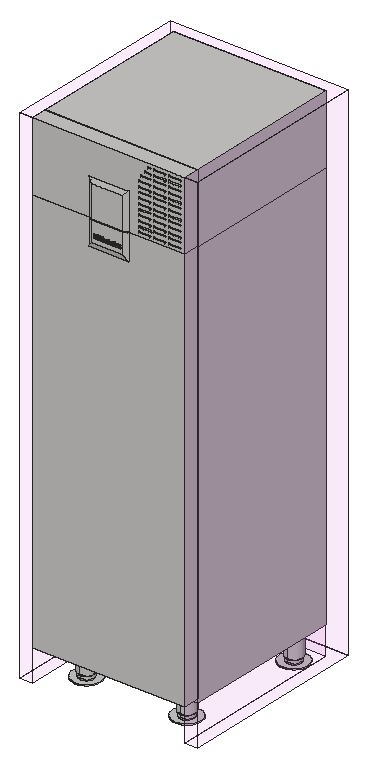
Revit family "QF_ELECTROLUXPROFESSIONAL_691363_PS04R1FM", category Specialty Equipment, Revit 2018
Family settings
  Round Connector Dimension = Use Diameter
  Part Type = Normal
  Work Plane-Based = No
  Always vertical = Yes
  Cut with Voids When Loaded = No
  Shared = No
  Room Calculation Point = No
Parameters (values of type "Standard")
  Weight = 21.3976 lbm
  Watts = 0 W
  Volts = 220 V
  URL Manufacturer = "http://professional.electrolux.com"
  URL = "http://professional.electrolux.com"
  Steam Supply Size = 0"
  Steam Supply Minimum Pressure = 0.00 psi
  Steam Supply Maximum Pressure = 0.00 psi
  Steam Pounds per Hour = 0
  Show Clearance [instance] = yes
  Refrigeration Suction Line Size = 0"
  Refrigeration Liquid Line Size = 0"
  Refrigerant Compressor Remote = yes
  Phase = 1
  Model = "PS04R1FM"
  Manufacturer = "Electrolux Professional"
  Length Actual = 600 mm  # constant formula
  Item Number = "691363"
  Hot Water Size = 0"
  Height Actual = 2040 mm  # constant formula
  HP = "0.3 HP"
  Gas Size = 0"
  Gas KW = 0
  Gas Input Pressure = 0.0 Btu/h
  Direct Waste Size = 0"
  Description = "1-DOOR REFRIGERATOR 470LT,0/+10°, PROSTORE MARINE-R134a"
  Depth Actual = 700 mm  # constant formula
  Cycle = 50 Hz
  Condensate Return Size = 0"
  Compressed Air Volume = 0 GPM
  Compressed Air Size = 0"
  Compressed Air Pressure = 0.00 psi
  Cold Water Size = 0"
  Accessory = yes
Types (2, lengths in mm): name | URL | Phase | Model | Manufacturer | Description
  (no name) | "http://professional.electrolux.com/" | 0 | "RBC201" | "Electrolux" | "BLAST CHILLER 56 KG 20 GN1/1"
  Standard | "http://professional.electrolux.com" | 1 | "PS04R1FM" | "Electrolux Professional" | "1-DOOR REFRIGERATOR 470LT,0/+10°, PROSTORE MARINE-R134a"
Values of the unnamed type that differ from the named types
  Volts = 380 V
  URL Manufacturer = "http://professional.electrolux.com/"
  Item Number = "726624"
Reference planes
  plane 1 "BACK": y = 0
  plane 2: z = 0
  plane 3 "LEFT": x = 0
  plane 4 "RIGHT": x = 600
  plane 5 "FRONT": y = -700
  plane 6 "TOP": z = 2040
  plane 7 "Center Y": x = 300
  plane 8 "Center X": y = -350
  plane 9: x = 102
  plane 10: x = 498
  plane 11: z = 115
  plane 12: z = 86
  plane 13: y = -80
  plane 14: y = -694
  plane 15: y = -1227
  plane 16: y = -630
  plane 17: z = 1770
  plane 18: x = -50
  plane 19: y = 50
  plane 20: x = 650
  plane 21: z = 1995
Forms (mm)
  Extrusion 1, solid, material "QF_Metal - Stainless - Polished"
    sketch origin (0, 0, 0) x (1, 0, 0) y (0, 0, 1)
      loop
        line (0, 1995) -> (0, 1724.003) -> (600, 1724.003) -> (600, 1995) -> (0, 1995)
    from 0 to 630
  Extrusion 2, solid, material "QF_Metal - Stainless - Polished"
    sketch origin (0, 0, 0) x (1, 0, 0) y (0, 0, 1)
      loop
        line (0, 1724.003) -> (0, 115) -> (600, 115) -> (600, 1724.003) -> (0, 1724.003)
    from 0 to 630
  Extrusion 3, solid, material "QF_Metal - Stainless - Polished"
    sketch origin (-370, 0, -128) x (1, 0, 0) y (0, 0, 1)
      loop
        circle (450, 1847.083) r 20
    from -7.507 to 0
  Extrusion 4, solid, material "QF_Metal - Stainless - Polished"
    sketch origin (0, 130.478, -45) x (1, 0, 0) y (0, 0, 1)
      loop
        line (0, 2040) -> (0, 1770) -> (600, 1770) -> (600, 2040) -> (0, 2040)
    from 760.478 to 824.478
  Extrusion 5, solid, material "QF_Metal - Stainless - Polished"
    sketch origin (0, 140, 0) x (1, 0, 0) y (0, 0, 1)
      loop
        line (0, 1725) -> (0, 127.536) -> (600, 127.536) -> (600, 1725) -> (0, 1725)
    from 834 to 770
  Revolve 6, solid, material "QF_Metal - Stainless - Polished"
    sketch origin (497.59, -2.833, 0) x (0, 1, 0) y (0, 0, -1)
      loop
        line (-590.954, -115) -> (-553.167, -115) -> (-553.167, 0) -> (-578.757, 0)
        arc (-578.757, 0) -> (-580.973, -2.655) -> (-581.767, -6.021) r 7.527
        line (-581.767, -6.021) -> (-581.767, -17.561) -> (-585.28, -21.074) -> (-585.28, -110.008) -> (-590.954, -110.008) -> (-590.954, -115)
      axis (-553.167, 0) -> (-553.167, -115)
    angle from 0 to 360
  Revolve 7, solid, material "QF_Metal - Stainless - Polished"
    sketch origin (102, -2.833, 0) x (0, 1, 0) y (0, 0, 1)
      loop
        line (-590.954, 115) -> (-590.954, 110.008) -> (-585.28, 110.008) -> (-585.28, 21.074) -> (-581.767, 17.561) -> (-581.767, 6.021)
        arc (-581.767, 6.021) -> (-580.973, 2.655) -> (-578.757, 0) r 7.527
        line (-578.757, 0) -> (-553.167, 0) -> (-553.167, 115) -> (-590.954, 115)
      axis (-553.167, 0) -> (-553.167, 115)
    angle from 0 to 360
  Revolve 8, solid, material "QF_Metal - Stainless - Polished"
    sketch origin (538, -759.167, 0) x (0, -1, 0) y (0, 0, 1)
      loop
        line (-716.954, 115) -> (-716.954, 110.008) -> (-711.28, 110.008) -> (-711.28, 21.074) -> (-707.767, 17.561) -> (-707.767, 6.021)
        arc (-707.767, 6.021) -> (-706.973, 2.655) -> (-704.757, 0) r 7.527
        line (-704.757, 0) -> (-679.167, 0) -> (-679.167, 115) -> (-716.954, 115)
      axis (-679.167, 0) -> (-679.167, 115)
    angle from 0 to 360
  Revolve 9, solid, material "QF_Metal - Stainless - Polished"
    sketch origin (62, -759.167, 0) x (0, -1, 0) y (0, 0, 1)
      loop
        line (-716.954, 115) -> (-716.954, 110.008) -> (-711.28, 110.008) -> (-711.28, 21.074) -> (-707.767, 17.561) -> (-707.767, 6.021)
        arc (-707.767, 6.021) -> (-706.973, 2.655) -> (-704.757, 0) r 7.527
        line (-704.757, 0) -> (-679.167, 0) -> (-679.167, 115) -> (-716.954, 115)
      axis (-679.167, 0) -> (-679.167, 115)
    angle from 0 to 360
  Blend 10, solid, material "QF_Metal - Stainless - Polished"
    base sketch origin (-150, -694, 0) x (1, 0, 0) y (0, 0, 1)
      loop
        line (370, 1869.822) -> (370, 1619.822) -> (530, 1619.822) -> (530, 1869.822) -> (370, 1869.822)
    top sketch origin (-150, -694, 0) x (1, 0, 0) y (0, 0, 1)
      loop
        line (510, 1849.822) -> (390, 1849.822) -> (390, 1639.822) -> (510, 1639.822) -> (510, 1849.822)
    from 0 to 6
  Extrusion 11, void
    sketch origin (-150, -700, 0) x (-1, 0, 0) y (0, 0, 1)
      loop
        line (-370, 1725.997) -> (-530, 1725.997) -> (-530, 1724.003) -> (-370, 1724.003) -> (-370, 1725.997)
    from 0 to 6
  Extrusion 12, solid, material "QF_Door-Drawer Clearances"
    sketch origin (0, 0, 0) x (1, 0, 0) y (0, 1, 0)
      loop
        line (0, -694) -> (0, 0) -> (600, 0) -> (600, -694) -> (650, -694) -> (650, 50) -> (-50, 50) -> (-50, -694) -> (0, -694)
    from 0 to 1995
  Extrusion 13, solid, material "QF_Metal - Stainless - Polished"
    sketch origin (497.59, -556, 0) x (0, -1, 0) y (-1, 0, 0)
      loop
        circle (0, 0) r 55.59
    from 0 to -1.917
  Extrusion 14, solid, material "QF_Metal - Stainless - Polished"
    sketch origin (102, -556, 0) x (0, -1, 0) y (-1, 0, 0)
      loop
        circle (0, 0) r 55.59
    from 0 to -1.917
  Extrusion 15, solid, material "QF_Metal - Stainless - Polished"
    sketch origin (62, -80, 0) x (0, -1, 0) y (-1, 0, 0)
      loop
        circle (0, 0) r 55.59
    from 0 to -1.917
  Extrusion 16, solid, material "QF_Metal - Stainless - Polished"
    sketch origin (538, -80, 0) x (0, -1, 0) y (-1, 0, 0)
      loop
        circle (0, 0) r 55.59
    from 0 to -1.917
  Extrusion 17, void
    sketch origin (0, -694, -45) x (-1, 0, 0) y (0, 0, 1)
      loop
        line (-537.804, 1788.817) -> (-587.804, 1788.817) -> (-587.804, 1780.817) -> (-537.804, 1780.817) -> (-537.804, 1788.817)
      loop
        line (-477.804, 1788.817) -> (-527.804, 1788.817) -> (-527.804, 1780.817) -> (-477.804, 1780.817) -> (-477.804, 1788.817)
      loop
        line (-417.804, 1788.817) -> (-467.804, 1788.817) -> (-467.804, 1780.817) -> (-417.804, 1780.817) -> (-417.804, 1788.817)
    from 0 to 2
  Extrusion 18, void
    sketch origin (0, -694, 195) x (-1, 0, 0) y (0, 0, 1)
      loop
        line (-537.804, 1788.817) -> (-587.804, 1788.817) -> (-587.804, 1780.817) -> (-537.804, 1780.817) -> (-537.804, 1788.817)
      loop
        line (-477.804, 1788.817) -> (-527.804, 1788.817) -> (-527.804, 1780.817) -> (-477.804, 1780.817) -> (-477.804, 1788.817)
      loop
        line (-453.929, 1788.817) -> (-467.804, 1788.817) -> (-467.804, 1780.817) -> (-453.929, 1780.817) -> (-453.929, 1788.817)
    from 0 to 2
  Extrusion 19, void
    sketch origin (0, -694, -25) x (-1, 0, 0) y (0, 0, 1)
      loop
        line (-537.804, 1788.817) -> (-587.804, 1788.817) -> (-587.804, 1780.817) -> (-537.804, 1780.817) -> (-537.804, 1788.817)
      loop
        line (-477.804, 1788.817) -> (-527.804, 1788.817) -> (-527.804, 1780.817) -> (-477.804, 1780.817) -> (-477.804, 1788.817)
      loop
        line (-417.804, 1788.817) -> (-467.804, 1788.817) -> (-467.804, 1780.817) -> (-417.804, 1780.817) -> (-417.804, 1788.817)
    from 0 to 2
  Extrusion 20, void
    sketch origin (0, -694, -5) x (-1, 0, 0) y (0, 0, 1)
      loop
        line (-537.804, 1788.817) -> (-587.804, 1788.817) -> (-587.804, 1780.817) -> (-537.804, 1780.817) -> (-537.804, 1788.817)
      loop
        line (-477.804, 1788.817) -> (-527.804, 1788.817) -> (-527.804, 1780.817) -> (-477.804, 1780.817) -> (-477.804, 1788.817)
      loop
        line (-417.804, 1788.817) -> (-467.804, 1788.817) -> (-467.804, 1780.817) -> (-417.804, 1780.817) -> (-417.804, 1788.817)
    from 0 to 2
  Extrusion 21, void
    sketch origin (0, -694, 15) x (-1, 0, 0) y (0, 0, 1)
      loop
        line (-537.804, 1788.817) -> (-587.804, 1788.817) -> (-587.804, 1780.817) -> (-537.804, 1780.817) -> (-537.804, 1788.817)
      loop
        line (-477.804, 1788.817) -> (-527.804, 1788.817) -> (-527.804, 1780.817) -> (-477.804, 1780.817) -> (-477.804, 1788.817)
      loop
        line (-417.804, 1788.817) -> (-467.804, 1788.817) -> (-467.804, 1780.817) -> (-417.804, 1780.817) -> (-417.804, 1788.817)
    from 0 to 2
  Extrusion 22, void
    sketch origin (0, -694, 35) x (-1, 0, 0) y (0, 0, 1)
      loop
        line (-537.804, 1788.817) -> (-587.804, 1788.817) -> (-587.804, 1780.817) -> (-537.804, 1780.817) -> (-537.804, 1788.817)
      loop
        line (-477.804, 1788.817) -> (-527.804, 1788.817) -> (-527.804, 1780.817) -> (-477.804, 1780.817) -> (-477.804, 1788.817)
      loop
        line (-417.804, 1788.817) -> (-467.804, 1788.817) -> (-467.804, 1780.817) -> (-417.804, 1780.817) -> (-417.804, 1788.817)
    from 0 to 2
  Extrusion 23, void
    sketch origin (0, -694, 55) x (-1, 0, 0) y (0, 0, 1)
      loop
        line (-537.804, 1788.817) -> (-587.804, 1788.817) -> (-587.804, 1780.817) -> (-537.804, 1780.817) -> (-537.804, 1788.817)
      loop
        line (-477.804, 1788.817) -> (-527.804, 1788.817) -> (-527.804, 1780.817) -> (-477.804, 1780.817) -> (-477.804, 1788.817)
      loop
        line (-417.804, 1788.817) -> (-467.804, 1788.817) -> (-467.804, 1780.817) -> (-417.804, 1780.817) -> (-417.804, 1788.817)
    from 0 to 2
  Extrusion 24, void
    sketch origin (0, -694, 75) x (-1, 0, 0) y (0, 0, 1)
      loop
        line (-537.804, 1788.817) -> (-587.804, 1788.817) -> (-587.804, 1780.817) -> (-537.804, 1780.817) -> (-537.804, 1788.817)
      loop
        line (-477.804, 1788.817) -> (-527.804, 1788.817) -> (-527.804, 1780.817) -> (-477.804, 1780.817) -> (-477.804, 1788.817)
      loop
        line (-417.804, 1788.817) -> (-467.804, 1788.817) -> (-467.804, 1780.817) -> (-417.804, 1780.817) -> (-417.804, 1788.817)
    from 0 to 2
  Extrusion 25, void
    sketch origin (0, -694, 95) x (-1, 0, 0) y (0, 0, 1)
      loop
        line (-537.804, 1788.817) -> (-587.804, 1788.817) -> (-587.804, 1780.817) -> (-537.804, 1780.817) -> (-537.804, 1788.817)
      loop
        line (-477.804, 1788.817) -> (-527.804, 1788.817) -> (-527.804, 1780.817) -> (-477.804, 1780.817) -> (-477.804, 1788.817)
      loop
        line (-417.804, 1788.817) -> (-467.804, 1788.817) -> (-467.804, 1780.817) -> (-417.804, 1780.817) -> (-417.804, 1788.817)
    from 0 to 2
  Extrusion 26, void
    sketch origin (0, -694, 115) x (-1, 0, 0) y (0, 0, 1)
      loop
        line (-537.804, 1788.817) -> (-587.804, 1788.817) -> (-587.804, 1780.817) -> (-537.804, 1780.817) -> (-537.804, 1788.817)
      loop
        line (-477.804, 1788.817) -> (-527.804, 1788.817) -> (-527.804, 1780.817) -> (-477.804, 1780.817) -> (-477.804, 1788.817)
      loop
        line (-417.804, 1788.817) -> (-467.804, 1788.817) -> (-467.804, 1780.817) -> (-417.804, 1780.817) -> (-417.804, 1788.817)
    from 0 to 2
  Extrusion 27, void
    sketch origin (0, -694, 135) x (-1, 0, 0) y (0, 0, 1)
      loop
        line (-537.804, 1788.817) -> (-587.804, 1788.817) -> (-587.804, 1780.817) -> (-537.804, 1780.817) -> (-537.804, 1788.817)
      loop
        line (-477.804, 1788.817) -> (-527.804, 1788.817) -> (-527.804, 1780.817) -> (-477.804, 1780.817) -> (-477.804, 1788.817)
      loop
        line (-417.804, 1788.817) -> (-467.804, 1788.817) -> (-467.804, 1780.817) -> (-417.804, 1780.817) -> (-417.804, 1788.817)
    from 0 to 2
  Extrusion 28, void
    sketch origin (0, -694, 155) x (-1, 0, 0) y (0, 0, 1)
      loop
        line (-537.804, 1788.817) -> (-587.804, 1788.817) -> (-587.804, 1780.817) -> (-537.804, 1780.817) -> (-537.804, 1788.817)
      loop
        line (-477.804, 1788.817) -> (-527.804, 1788.817) -> (-527.804, 1780.817) -> (-477.804, 1780.817) -> (-477.804, 1788.817)
      loop
        line (-426.702, 1788.817) -> (-467.804, 1788.817) -> (-467.804, 1780.817) -> (-426.702, 1780.817) -> (-426.702, 1788.817)
    from 0 to 2
  Extrusion 29, void
    sketch origin (0, -694, 175) x (-1, 0, 0) y (0, 0, 1)
      loop
        line (-537.804, 1788.817) -> (-587.804, 1788.817) -> (-587.804, 1780.817) -> (-537.804, 1780.817) -> (-537.804, 1788.817)
      loop
        line (-477.804, 1788.817) -> (-527.804, 1788.817) -> (-527.804, 1780.817) -> (-477.804, 1780.817) -> (-477.804, 1788.817)
      loop
        line (-441.24, 1788.817) -> (-467.804, 1788.817) -> (-467.804, 1780.817) -> (-441.24, 1780.817) -> (-441.24, 1788.817)
    from 0 to 2
  Extrusion 30, solid, material "QF_Door-Drawer Clearances", visible <- "Show Clearance", detail levels coarse
    sketch origin (0, 0, 0) x (1, 0, 0) y (0, 1, 0)
      loop
        line (600, -694) -> (0, -694)
        arc (0, -694) -> (187.42, -1087.232) -> (600, -1227) r 559.707
        line (600, -1227) -> (600, -694)
    from 127.536 to 1725
Cuts and joins
  Extrusion 11, Extrusion 17 cuts Extrusion 1
  Extrusion 11 cuts Extrusion 2
  Extrusion 11, Extrusion 17, Extrusion 18, Extrusion 19, Extrusion 20, Extrusion 21, Extrusion 22, Extrusion 23, Extrusion 24, Extrusion 25, Extrusion 26, Extrusion 27, Extrusion 28, Extrusion 29 cuts Extrusion 4
  Extrusion 11 cuts Extrusion 5
  Extrusion 11 cuts Blend 10
  joined: Revolve 6, Extrusion 13
Lines and regions (mm)
  Split face 1
    outline origin (-150, -700, 0) x (1, 0, 0) y (0, 0, 1)
      loop
        line (415, 1849.822) -> (415, 1697.499) -> (485, 1697.499) -> (485, 1849.822)
  symbolic lines
    curve 1: line (0, 0, 0) -> (600, 0, 0)
    curve 2: line (0, -694, 0) -> (0, 0, 0)
    curve 3: line (600, -694, 0) -> (0, -694, 0)
    curve 4: line (600, 0, 0) -> (600, -694, 0)
    curve 5: line (0, -630, 0) -> (600, -630, 0)
    curve 6: line (220, -694, 0) -> (240, -700, 0)
    curve 7: line (240, -700, 0) -> (360, -700, 0)
    curve 8: line (360, -700, 0) -> (380, -694, 0)
  symbolic lines, style "QF_Door-Drawer Clearances"
    curve 9: line (0, -694, 0) -> (-50, -694, 0)
    curve 10: line (-50, -694, 0) -> (-50, 50, 0)
    curve 11: line (-50, 50, 0) -> (650, 50, 0)
    curve 12: line (650, 50, 0) -> (650, -694, 0)
    curve 13: line (650, -694, 0) -> (600, -694, 0)
    curve 14: arc (0, -694, 0) -> (187.42, -1087.232, 0) -> (600, -1227, 0) r 559.707
    curve 15: line (600, -1227, 0) -> (600, -694, 0)
Dimensions and locks
  equal spacing: plane 3 "LEFT", plane 7 "Center Y", plane 4 "RIGHT"
  plane 3 "LEFT" to plane 4 "RIGHT" = 600 mm
  equal spacing: plane 5 "FRONT", plane 8 "Center X", plane 1 "BACK"
  plane 5 "FRONT" to plane 1 "BACK" = 700 mm
  plane 6 "TOP" to level = 2040 mm
  plane 9 to plane 3 "LEFT" = 102 mm
  plane 10 to plane 4 "RIGHT" = 102 mm
  plane 11 to level = 115 mm
  plane 12 to plane 11 = 29 mm
  plane 1 "BACK" to plane 13 = 80 mm
  plane 15 to plane 1 "BACK" = 1227 mm
  plane 11 to plane 2 = 115 mm
  plane 1 "BACK" to plane 16 = 630 mm
  plane 18 to plane 3 "LEFT" = 50 mm
  plane 4 "RIGHT" to plane 20 = 50 mm
  plane 1 "BACK" to plane 19 = 50 mm
  plane 21 to level = 1995 mm
  aligned and locked: level to plane 2
  aligned and locked: Extrusion 4 to plane 4 "RIGHT"
  aligned and locked: Extrusion 4 to plane 3 "LEFT"
  aligned and locked: plane 5 "FRONT" to Blend 10
Automatic sketch dimensions
  Extrusion 3 sketch curve to plane 9 = 22 mm
  Extrusion 3 sketch curve to plane 17 = 50.917 mm
  plane 11 to Revolve 6 sketch curve = 0 mm
  Revolve 6 sketch curve to level = 0 mm
  plane 16 to Revolve 6 sketch curve = 36.213 mm
  Revolve 6 sketch curve to Revolve 6 sketch curve = 5.674 mm
  Revolve 6 sketch curve to Revolve 6 sketch curve = 3.513 mm  (x2)
  Revolve 6 sketch curve to Revolve 6 sketch curve = 3.01 mm
  level to Revolve 6 sketch curve = 6.021 mm
  Revolve 6 sketch curve to Revolve 6 sketch curve = 21.073 mm
  Revolve 6 sketch curve to plane 11 = 4.992 mm  (x2)
  Revolve 6 sketch curve to Revolve 6 sketch curve = 15.053 mm
  Revolve 6 sketch curve to Revolve 6 sketch curve = 0 mm
  Revolve 6 sketch curve to Revolve 6 sketch curve = 20.008 mm
  Revolve 7 sketch curve to plane 11 = 0 mm
  Revolve 7 sketch curve to level = 0 mm
  plane 16 to Revolve 7 sketch curve = 36.213 mm
  Revolve 7 sketch curve to Revolve 7 sketch curve = 5.674 mm
  Revolve 7 sketch curve to Revolve 7 sketch curve = 3.513 mm  (x2)
  Revolve 7 sketch curve to Revolve 7 sketch curve = 3.01 mm
  level to Revolve 7 sketch curve = 6.021 mm
  Revolve 7 sketch curve to Revolve 7 sketch curve = 21.073 mm
  Revolve 7 sketch curve to Revolve 7 sketch curve = 11.54 mm
  Revolve 7 sketch curve to plane 11 = 4.992 mm
  Revolve 7 sketch curve to Revolve 7 sketch curve = 0 mm
  Revolve 7 sketch curve to Revolve 7 sketch curve = 4.992 mm
  plane 11 to Revolve 7 sketch curve = 20.008 mm
  Revolve 8 sketch curve to plane 11 = 0 mm
  Revolve 8 sketch curve to level = 0 mm
  Revolve 8 sketch curve to plane 13 = 0 mm  (x2)
  level to Revolve 8 sketch curve = 6.021 mm
  Revolve 8 sketch curve to plane 13 = 21.073 mm
  Revolve 8 sketch curve to Revolve 8 sketch curve = 4.517 mm
  Revolve 8 sketch curve to Revolve 8 sketch curve = 3.513 mm  (x2)
  Revolve 8 sketch curve to Revolve 8 sketch curve = 5.674 mm
  Revolve 8 sketch curve to Revolve 8 sketch curve = 11.54 mm
  Revolve 8 sketch curve to plane 11 = 4.992 mm  (x2)
  Revolve 8 sketch curve to Revolve 8 sketch curve = 20.008 mm
  Revolve 9 sketch curve to plane 11 = 0 mm
  Revolve 9 sketch curve to level = 0 mm
  Revolve 9 sketch curve to plane 13 = 0 mm  (x2)
  Revolve 9 sketch curve to level = 6.021 mm
  plane 13 to Revolve 9 sketch curve = 21.073 mm
  Revolve 9 sketch curve to Revolve 9 sketch curve = 4.517 mm
  Revolve 9 sketch curve to Revolve 9 sketch curve = 3.513 mm  (x2)
  Revolve 9 sketch curve to Revolve 9 sketch curve = 5.674 mm
  Revolve 9 sketch curve to Revolve 9 sketch curve = 11.54 mm
  plane 11 to Revolve 9 sketch curve = 4.992 mm  (x2)
  Revolve 9 sketch curve to Revolve 9 sketch curve = 20.008 mm
  Extrusion 14 sketch curve to Extrusion 14 sketch curve = 0 mm  (x2)
  Extrusion 14 sketch curve to Revolve 6 = 395.59 mm
  Extrusion 14 sketch curve to Extrusion 14 sketch curve = 55.59 mm
  Extrusion 15 sketch curve to Extrusion 15 sketch curve = 0 mm  (x2)
  Extrusion 15 sketch curve to Revolve 6 = 435.59 mm
  Extrusion 15 sketch curve to Extrusion 15 sketch curve = 55.59 mm
  Extrusion 16 sketch curve to Extrusion 16 sketch curve = 0 mm  (x2)
  Revolve 6 to Extrusion 16 sketch curve = 40.41 mm
  Extrusion 16 sketch curve to Extrusion 16 sketch curve = 55.59 mm
  plane 14 to curve 10 = 0 mm
  curve 10 to plane 18 = 0 mm
  plane 5 "FRONT" to curve 7 = 0 mm
  plane 1 "BACK" to curve 1 = 0 mm
  curve 1 to plane 4 "RIGHT" = 0 mm
  curve 12 to plane 19 = 0 mm
  curve 12 to plane 20 = 0 mm
  curve 15 to plane 15 = 0 mm
  curve 5 to plane 16 = 0 mm
  curve 7 to plane 7 "Center Y" = 60 mm
  plane 7 "Center Y" to curve 7 = 60 mm
  curve 14 to plane 14 = 25.214 mm
  curve 6 to curve 6 = 20 mm
  curve 7 to curve 8 = 20 mm
  Extrusion 1 sketch curve to plane 3 "LEFT" = 0 mm
  plane 4 "RIGHT" to Extrusion 1 sketch curve = 0 mm
  Extrusion 1 sketch curve to plane 21 = 0 mm
  Extrusion 1 sketch curve to plane 17 = 45.997 mm
  Extrusion 2 sketch curve to plane 3 "LEFT" = 0 mm
  plane 4 "RIGHT" to Extrusion 2 sketch curve = 0 mm
  Extrusion 2 sketch curve to plane 11 = 0 mm
  Extrusion 2 sketch curve to plane 17 = 45.997 mm
  Extrusion 4 sketch curve to plane 3 "LEFT" = 0 mm
  plane 4 "RIGHT" to Extrusion 4 sketch curve = 0 mm
  Extrusion 4 sketch curve to plane 21 = 0 mm
  Extrusion 4 sketch curve to plane 17 = 45 mm
  Extrusion 5 sketch curve to plane 3 "LEFT" = 0 mm
  plane 4 "RIGHT" to Extrusion 5 sketch curve = 0 mm
  plane 11 to Extrusion 5 sketch curve = 12.536 mm
  Extrusion 5 sketch curve to plane 17 = 45 mm
  Blend 10 sketch curve to Extrusion 5 = 105.178 mm
  Blend 10 sketch curve to Extrusion 5 = 220 mm
  Blend 10 sketch curve to Blend 10 sketch curve = 160 mm
  Extrusion 5 to Blend 10 sketch curve = 144.822 mm
  Blend 10 sketch curve to Extrusion 5 = 240 mm
  Blend 10 sketch curve to Blend 10 sketch curve = 120 mm
  Blend 10 sketch curve to Extrusion 5 = 85.178 mm
  Extrusion 5 to Blend 10 sketch curve = 124.822 mm
  Split face 1 sketch curve to Blend 10 = 0 mm  (x2)
  Split face 1 sketch curve to Blend 10 = 25 mm  (x2)
  Split face 1 sketch curve to Blend 10 = 57.677 mm
  Extrusion 11 sketch curve to Blend 10 = 20 mm  (x2)
  Blend 10 to Extrusion 11 sketch curve = 84.181 mm
  Extrusion 11 sketch curve to Extrusion 11 sketch curve = 1.995 mm
  plane 14 to Extrusion 12 sketch curve = 0 mm  (x2)
  Extrusion 12 sketch curve to plane 18 = 0 mm
  Extrusion 12 sketch curve to plane 3 "LEFT" = 0 mm
  Extrusion 12 sketch curve to plane 4 "RIGHT" = 0 mm
  Extrusion 12 sketch curve to plane 19 = 0 mm
  Extrusion 12 sketch curve to plane 20 = 0 mm
  plane 1 "BACK" to Extrusion 12 sketch curve = 0 mm
  Extrusion 4 to Extrusion 17 sketch curve = 12.196 mm
  Extrusion 4 to Extrusion 17 sketch curve = 10.817 mm  (x3)
  Extrusion 17 sketch curve to Extrusion 17 sketch curve = 50 mm  (x3)
  Extrusion 17 sketch curve to Extrusion 17 sketch curve = 10 mm  (x2)
  Extrusion 17 sketch curve to Extrusion 17 sketch curve = 8 mm  (x3)
  Extrusion 4 to Extrusion 18 sketch curve = 12.196 mm
  Extrusion 4 to Extrusion 18 sketch curve = 19.183 mm  (x3)
  Extrusion 18 sketch curve to Extrusion 18 sketch curve = 50 mm  (x2)
  Extrusion 18 sketch curve to Extrusion 18 sketch curve = 10 mm  (x2)
  Extrusion 18 sketch curve to Extrusion 18 sketch curve = 13.876 mm
  Extrusion 18 sketch curve to Extrusion 18 sketch curve = 8 mm  (x3)
  Extrusion 4 to Extrusion 19 sketch curve = 12.196 mm
  Extrusion 19 sketch curve to Extrusion 19 sketch curve = 50 mm  (x3)
  Extrusion 19 sketch curve to Extrusion 19 sketch curve = 10 mm  (x2)
  Extrusion 4 to Extrusion 19 sketch curve = 30.817 mm  (x2)
  Extrusion 19 sketch curve to Extrusion 19 sketch curve = 0 mm
  Extrusion 19 sketch curve to Extrusion 19 sketch curve = 8 mm  (x3)
  Extrusion 4 to Extrusion 20 sketch curve = 12.196 mm
  Extrusion 20 sketch curve to Extrusion 20 sketch curve = 50 mm  (x3)
  Extrusion 20 sketch curve to Extrusion 20 sketch curve = 10 mm  (x2)
  Extrusion 4 to Extrusion 20 sketch curve = 50.817 mm  (x2)
  Extrusion 20 sketch curve to Extrusion 20 sketch curve = 0 mm
  Extrusion 20 sketch curve to Extrusion 20 sketch curve = 8 mm  (x3)
  Extrusion 4 to Extrusion 21 sketch curve = 12.196 mm
  Extrusion 21 sketch curve to Extrusion 21 sketch curve = 50 mm  (x3)
  Extrusion 21 sketch curve to Extrusion 21 sketch curve = 10 mm  (x2)
  Extrusion 4 to Extrusion 21 sketch curve = 70.817 mm
  Extrusion 21 sketch curve to Extrusion 21 sketch curve = 0 mm  (x2)
  Extrusion 21 sketch curve to Extrusion 21 sketch curve = 8 mm  (x3)
  Extrusion 4 to Extrusion 22 sketch curve = 12.196 mm
  Extrusion 22 sketch curve to Extrusion 22 sketch curve = 50 mm  (x3)
  Extrusion 22 sketch curve to Extrusion 22 sketch curve = 10 mm  (x2)
  Extrusion 4 to Extrusion 22 sketch curve = 90.817 mm
  Extrusion 22 sketch curve to Extrusion 22 sketch curve = 0 mm  (x2)
  Extrusion 22 sketch curve to Extrusion 22 sketch curve = 8 mm  (x3)
  Extrusion 4 to Extrusion 23 sketch curve = 12.196 mm
  Extrusion 23 sketch curve to Extrusion 23 sketch curve = 50 mm  (x3)
  Extrusion 23 sketch curve to Extrusion 23 sketch curve = 10 mm  (x2)
  Extrusion 4 to Extrusion 23 sketch curve = 110.817 mm
  Extrusion 23 sketch curve to Extrusion 23 sketch curve = 0 mm  (x2)
  Extrusion 23 sketch curve to Extrusion 23 sketch curve = 8 mm  (x3)
  Extrusion 4 to Extrusion 24 sketch curve = 12.196 mm
  Extrusion 24 sketch curve to Extrusion 24 sketch curve = 50 mm  (x3)
  Extrusion 24 sketch curve to Extrusion 24 sketch curve = 10 mm  (x2)
  Extrusion 4 to Extrusion 24 sketch curve = 130.817 mm
  Extrusion 24 sketch curve to Extrusion 24 sketch curve = 0 mm  (x2)
  Extrusion 24 sketch curve to Extrusion 24 sketch curve = 8 mm  (x3)
  Extrusion 4 to Extrusion 25 sketch curve = 12.196 mm
  Extrusion 25 sketch curve to Extrusion 25 sketch curve = 50 mm  (x3)
  Extrusion 25 sketch curve to Extrusion 25 sketch curve = 10 mm  (x2)
  Extrusion 4 to Extrusion 25 sketch curve = 119.183 mm
  Extrusion 25 sketch curve to Extrusion 25 sketch curve = 0 mm  (x2)
  Extrusion 25 sketch curve to Extrusion 25 sketch curve = 8 mm  (x3)
  Extrusion 4 to Extrusion 26 sketch curve = 12.196 mm
  Extrusion 26 sketch curve to Extrusion 26 sketch curve = 50 mm  (x3)
  Extrusion 26 sketch curve to Extrusion 26 sketch curve = 10 mm  (x2)
  Extrusion 4 to Extrusion 26 sketch curve = 99.183 mm
  Extrusion 26 sketch curve to Extrusion 26 sketch curve = 0 mm  (x2)
  Extrusion 26 sketch curve to Extrusion 26 sketch curve = 8 mm  (x3)
  Extrusion 4 to Extrusion 27 sketch curve = 12.196 mm
  Extrusion 27 sketch curve to Extrusion 27 sketch curve = 50 mm  (x3)
  Extrusion 27 sketch curve to Extrusion 27 sketch curve = 10 mm  (x2)
  Extrusion 4 to Extrusion 27 sketch curve = 79.183 mm
  Extrusion 27 sketch curve to Extrusion 27 sketch curve = 0 mm  (x2)
  Extrusion 27 sketch curve to Extrusion 27 sketch curve = 8 mm  (x3)
  Extrusion 4 to Extrusion 28 sketch curve = 12.196 mm
  Extrusion 28 sketch curve to Extrusion 28 sketch curve = 50 mm  (x2)
  Extrusion 28 sketch curve to Extrusion 28 sketch curve = 10 mm  (x2)
  Extrusion 28 sketch curve to Extrusion 28 sketch curve = 41.103 mm
  Extrusion 4 to Extrusion 28 sketch curve = 59.183 mm
  Extrusion 28 sketch curve to Extrusion 28 sketch curve = 0 mm  (x2)
  Extrusion 28 sketch curve to Extrusion 28 sketch curve = 8 mm  (x3)
  Extrusion 4 to Extrusion 29 sketch curve = 12.196 mm
  Extrusion 29 sketch curve to Extrusion 29 sketch curve = 50 mm  (x2)
  Extrusion 29 sketch curve to Extrusion 29 sketch curve = 10 mm  (x2)
  Extrusion 29 sketch curve to Extrusion 29 sketch curve = 26.564 mm
  Extrusion 4 to Extrusion 29 sketch curve = 39.183 mm
  Extrusion 29 sketch curve to Extrusion 29 sketch curve = 0 mm  (x2)
  Extrusion 29 sketch curve to Extrusion 29 sketch curve = 8 mm  (x3)
  Extrusion 30 sketch curve to plane 3 "LEFT" = 0 mm
  Extrusion 30 sketch curve to plane 4 "RIGHT" = 0 mm
  Extrusion 30 sketch curve to plane 15 = 0 mm
  plane 14 to Extrusion 30 sketch curve = 0 mm
  Extrusion 30 sketch curve to plane 14 = 25.214 mm
  curve 3 to plane 3 "LEFT" = 0 mm
  radius of Extrusion 3 sketch curve = 20 mm
  radius of Revolve 6 to Extrusion 13 sketch curve = 30 mm
Nested families
  nested 1: "ELX_Logo_S" at (300.625, -700, 1669.375) x (1, 0, 0) z (0, -1, 0), type "ELX_Logo_S"
Connectors
  electrical at (80, 7.507, 1719.083), driven by "Volts"
    settings: on Extrusion 3, index 2, voltage 220 V, apparent load 0 VA, apparent load phase1 0 VA, apparent load phase2 0 VA, apparent load phase3 0 VA, power factor 1, load classification "Other", number of poles 1, system type 30, power factor state 1, is connector primary yes, connector utility no, sub classification motor no, connector description "Electrical Connection"
Definition of nested family "ELX_Logo_S"
  Parameters (values of type "ELX_Logo_S")
    Default Elevation = 0 mm
  Reference planes
    plane 1 "Centro (Fronte/Retro)": y = 0
    plane 2: z = 0
    plane 3 "Centro (Sinistra/Destra)": x = 0
  Forms (mm)
    Extrusion 1, solid
      sketch origin (0, 0, 0) x (1, 0, 0) y (0, 1, 0)
        loop
          line (-1219.2, 1219.2) -> (-1219.2, -1219.2) -> (1219.2, -1219.2) -> (1219.2, 1219.2) -> (-1219.2, 1219.2)
      from 0 to -304.8
    Extrusion 2, solid
      sketch origin (0, 0, 0) x (1, 0, 0) y (0, 1, 0)
        loop
          line (-43.793, 5.912) -> (-43.793, -6.455)
          arc (-43.793, -6.455) -> (-39.222, -0.272) -> (-43.793, 5.912) r 6.467
        loop
          arc (-44.422, 5.912) -> (-49.565, 4.743) -> (-52.043, 0.087) r 6.338
          line (-52.043, 0.087) -> (-49.997, 0.087)
          arc (-49.997, 0.087) -> (-46.342, 1.57) -> (-44.422, 5.016) r 5.941
          line (-44.422, 5.016) -> (-44.422, 5.912)
        loop
          arc (-44.422, -5.559) -> (-46.342, -2.114) -> (-49.997, -0.63) r 5.941
          line (-49.997, -0.63) -> (-52.043, -0.63)
          arc (-52.043, -0.63) -> (-49.569, -5.324) -> (-44.422, -6.614) r 6.504
          line (-44.422, -6.614) -> (-44.422, -5.559)
        loop
          line (-52.512, 6.586) -> (-52.512, -7.158) -> (-38.749, -7.158) -> (-38.749, 6.586) -> (-52.512, 6.586)
        loop
          arc (-35.782, 6.67) -> (-36.139, 6.322) -> (-35.801, 5.955) r 0.358
          arc (-35.801, 5.955) -> (-35.051, 5.641) -> (-34.666, 4.924) r 1.216
          line (-34.666, 4.924) -> (-34.666, -5.488)
          arc (-34.666, -5.488) -> (-34.944, -6.148) -> (-35.54, -6.544) r 1.238
          arc (-35.54, -6.544) -> (-35.791, -6.939) -> (-35.437, -7.244) r 0.358
          line (-35.437, -7.244) -> (-25.558, -7.244) -> (-25.558, -4.494) -> (-26.455, -4.494)
          arc (-26.455, -4.494) -> (-27.035, -5.403) -> (-28.012, -5.858) r 1.928
          line (-28.012, -5.858) -> (-30.511, -5.858)
          arc (-30.511, -5.858) -> (-31.24, -5.583) -> (-31.604, -4.894) r 1.101
          line (-31.604, -4.894) -> (-31.604, -0.808) -> (-27.931, -0.808)
          arc (-27.931, -0.808) -> (-27.434, -1.16) -> (-27.206, -1.725) r 1.083
          arc (-27.206, -1.725) -> (-26.9, -1.989) -> (-26.622, -1.697) r 0.292
          line (-26.622, -1.697) -> (-26.622, 1.265)
          arc (-26.622, 1.265) -> (-26.895, 1.568) -> (-27.225, 1.329) r 0.305
          arc (-27.225, 1.329) -> (-27.473, 0.839) -> (-27.931, 0.534) r 1.083
          line (-27.931, 0.534) -> (-31.604, 0.534) -> (-31.604, 5.211) -> (-27.857, 5.211)
          arc (-27.857, 5.211) -> (-27.101, 4.997) -> (-26.603, 4.39) r 1.314
          arc (-26.603, 4.39) -> (-26.199, 4.171) -> (-25.907, 4.526) r 0.361
          line (-25.907, 4.526) -> (-25.907, 6.67) -> (-35.782, 6.67)
        loop
          arc (-25.126, 5.953) -> (-24.207, 5.572) -> (-23.827, 4.654) r 1.299
          line (-23.827, 4.654) -> (-23.827, -4.925)
          arc (-23.827, -4.925) -> (-24.205, -5.763) -> (-25.083, -6.035) r 1.118
          line (-25.083, -6.035) -> (-25.083, -7.244) -> (-19.733, -7.244) -> (-19.733, -6.056)
          arc (-19.733, -6.056) -> (-20.65, -5.784) -> (-21.046, -4.914) r 1.153
          line (-21.046, -4.914) -> (-21.046, 7.158) -> (-25.126, 5.953)
        loop
          line (-17.097, -2.28) -> (-10.65, -2.28) -> (-10.65, -1.481)
          arc (-10.65, -1.481) -> (-11.634, 1.1) -> (-14.088, 2.369) r 3.874
          line (-14.088, 2.369) -> (-15.848, 2.369)
          arc (-15.848, 2.369) -> (-18.713, 1.182) -> (-19.899, -1.682) r 4.051
          line (-19.899, -1.682) -> (-19.899, -3.691)
          arc (-19.899, -3.691) -> (-18.414, -6.509) -> (-15.407, -7.561) r 4.352
          arc (-15.407, -7.561) -> (-12.944, -7.196) -> (-10.87, -5.819) r 5.713
          line (-10.87, -5.819) -> (-10.87, -4.87)
          arc (-10.87, -4.87) -> (-12.439, -5.603) -> (-14.157, -5.819) r 5.579
          arc (-14.157, -5.819) -> (-16.12, -5.025) -> (-17.097, -3.146) r 3.057
          line (-17.097, -3.146) -> (-17.097, -2.28)
        loop
          line (-17.097, -1.02) -> (-13.515, -1.02)
          arc (-13.515, -1.02) -> (-13.468, 0.436) -> (-14.627, 1.319) r 1.59
          line (-14.627, 1.319) -> (-15.457, 1.319)
          arc (-15.457, 1.319) -> (-16.712, 0.455) -> (-17.097, -1.02) r 2.184
        loop
          arc (-1.232, 1.771) -> (-2.906, 2.259) -> (-4.643, 2.417) r 9.023
          line (-4.643, 2.417) -> (-6.005, 2.417)
          arc (-6.005, 2.417) -> (-8.805, 1.257) -> (-9.965, -1.542) r 3.959
          line (-9.965, -1.542) -> (-9.965, -4.142)
          arc (-9.965, -4.142) -> (-8.672, -6.424) -> (-6.299, -7.541) r 4.331
          line (-6.299, -7.541) -> (-4.164, -7.541)
          arc (-4.164, -7.541) -> (-2.614, -7.033) -> (-1.268, -6.112) r 5.772
          arc (-1.268, -6.112) -> (-1.217, -5.35) -> (-1.976, -5.263) r 0.553
          arc (-1.976, -5.263) -> (-2.71, -5.651) -> (-3.529, -5.785) r 2.573
          line (-3.529, -5.785) -> (-5.044, -5.785)
          arc (-5.044, -5.785) -> (-6.686, -4.779) -> (-7.328, -2.965) r 2.884
          line (-7.328, -2.965) -> (-7.328, -1.686)
          arc (-7.328, -1.686) -> (-6.768, 0.135) -> (-5.103, 1.062) r 2.554
          line (-5.103, 1.062) -> (-4.05, 1.062)
          arc (-4.05, 1.062) -> (-3.122, 0.73) -> (-2.387, 0.073) r 2.564
          arc (-2.387, 0.073) -> (-1.67, -0.148) -> (-1.232, 0.461) r 0.643
          line (-1.232, 0.461) -> (-1.232, 1.771)
        loop
          line (-0.962, 0.752) -> (0.539, 0.752) -> (0.539, -5.296)
          arc (0.539, -5.296) -> (1.197, -6.884) -> (2.785, -7.541) r 2.246
          line (2.785, -7.541) -> (4.369, -7.541)
          arc (4.369, -7.541) -> (5.233, -7.228) -> (6.005, -6.727) r 4.06
          arc (6.005, -6.727) -> (6.138, -5.995) -> (5.437, -5.743) r 0.576
          arc (5.437, -5.743) -> (4.911, -5.849) -> (4.379, -5.785) r 1.69
          arc (4.379, -5.785) -> (3.591, -5.244) -> (3.288, -4.337) r 1.506
          line (3.288, -4.337) -> (3.288, 0.801) -> (5.685, 0.801) -> (6.241, 1.357) -> (6.241, 2.179) -> (3.382, 2.179) -> (3.382, 5.41) -> (-0.962, 0.752)
        loop
          line (7.139, -7.324) -> (12.526, -7.324) -> (12.526, -6.214)
          arc (12.526, -6.214) -> (11.575, -5.82) -> (11.181, -4.869) r 1.345
          line (11.181, -4.869) -> (11.181, -1.253)
          arc (11.181, -1.253) -> (11.773, -0.488) -> (12.695, -0.199) r 1.615
          line (12.695, -0.199) -> (14.251, -0.199) -> (14.936, 2.357) -> (13.553, 2.357) -> (10.994, 0.414) -> (10.994, 2.295) -> (8.288, 2.01)
          arc (8.288, 2.01) -> (7.758, 1.571) -> (7.959, 0.912) r 0.621
          arc (7.959, 0.912) -> (8.301, 0.512) -> (8.484, 0.018) r 1.501
          line (8.484, 0.018) -> (8.484, -4.869)
          arc (8.484, -4.869) -> (8.09, -5.82) -> (7.139, -6.214) r 1.345
          line (7.139, -6.214) -> (7.139, -7.324)
        loop
          line (14.473, -1.222) -> (14.473, -3.914)
          arc (14.473, -3.914) -> (15.781, -6.36) -> (18.311, -7.494) r 4.288
          arc (18.311, -7.494) -> (19.692, -7.557) -> (21.072, -7.494) r 15.022
          arc (21.072, -7.494) -> (23.603, -6.36) -> (24.91, -3.914) r 4.288
          line (24.91, -3.914) -> (24.91, -1.222)
          arc (24.91, -1.222) -> (23.603, 1.223) -> (21.072, 2.357) r 4.288
          arc (21.072, 2.357) -> (19.692, 2.421) -> (18.311, 2.357) r 15.022
          arc (18.311, 2.357) -> (15.781, 1.223) -> (14.473, -1.222) r 4.288
        loop
          line (17.587, -1.017) -> (17.587, -4.119)
          arc (17.587, -4.119) -> (19.744, -6.276) -> (21.901, -4.119) r 2.157
          line (21.901, -4.119) -> (21.901, -1.017)
          arc (21.901, -1.017) -> (19.744, 1.14) -> (17.587, -1.017) r 2.157
        loop
          arc (24.768, 5.964) -> (25.662, 5.593) -> (26.033, 4.699) r 1.264
          line (26.033, 4.699) -> (26.033, -5.165)
          arc (26.033, -5.165) -> (25.636, -6.035) -> (24.72, -6.307) r 1.153
          line (24.72, -6.307) -> (24.72, -7.244) -> (29.828, -7.244) -> (29.828, -6.316)
          arc (29.828, -6.316) -> (29.056, -5.957) -> (28.741, -5.165) r 1.153
          line (28.741, -5.165) -> (28.741, 7.158) -> (24.768, 5.964)
        loop
          arc (29.365, 1.084) -> (30.43, 0.885) -> (30.912, -0.085) r 1.215
          line (30.912, -0.085) -> (30.912, -5.105)
          arc (30.912, -5.105) -> (31.559, -6.719) -> (33.142, -7.44) r 2.338
          line (33.142, -7.44) -> (34.657, -7.44)
          arc (34.657, -7.44) -> (35.661, -7.266) -> (36.547, -6.763) r 2.979
          line (36.547, -6.763) -> (38.344, -7.244) -> (40.032, -7.244) -> (40.032, 2.181) -> (35.829, 1.887) -> (35.829, 1.101)
          arc (35.829, 1.101) -> (36.665, 0.745) -> (37.174, -0.007) r 1.605
          line (37.174, -0.007) -> (37.174, -5.11)
          arc (37.174, -5.11) -> (36.237, -5.531) -> (35.213, -5.603) r 2.94
          arc (35.213, -5.603) -> (34.112, -5.042) -> (33.669, -3.889) r 1.724
          line (33.669, -3.889) -> (33.669, 2.307) -> (29.365, 1.084)
        loop
          line (40.886, 2.112) -> (42.932, 0.44) -> (45.238, -2.734) -> (42.126, -6.191)
          arc (42.126, -6.191) -> (41.732, -6.428) -> (41.273, -6.405) r 0.789
          line (41.273, -6.405) -> (41.273, -7.244) -> (44.818, -7.244) -> (44.818, -6.418)
          arc (44.818, -6.418) -> (44.456, -6.076) -> (44.548, -5.586) r 0.52
          line (44.548, -5.586) -> (46.019, -3.786) -> (47.394, -5.904)
          arc (47.394, -5.904) -> (47.084, -6.305) -> (46.585, -6.392) r 0.7
          line (46.585, -6.392) -> (46.585, -7.244) -> (52.512, -7.244) -> (52.512, -6.358)
          arc (52.512, -6.358) -> (51.853, -6.291) -> (51.322, -5.896) r 1.247
          line (51.322, -5.896) -> (48.041, -1.696) -> (50.094, 0.751) -> (51.836, 2.112) -> (48.112, 2.112) -> (48.535, 0.627) -> (47.258, -0.895) -> (46.068, 0.806) -> (46.844, 2.112) -> (40.886, 2.112)
      from 0 to 1.644
  Dimensions and locks
    aligned and locked: plane 2 to Extrusion 1
    aligned and locked: level to Extrusion 1
